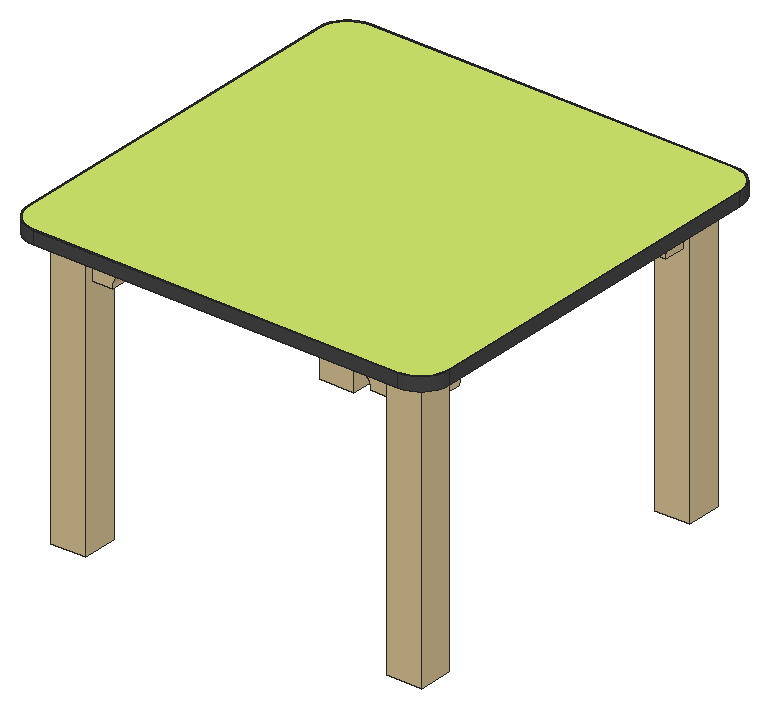
Revit family "226d35739a4945f2a17e533aaa7f5a0c", category Mobilier, Revit 2021
Family settings
  Basée sur le plan de construction = Non
  Toujours verticalement = Oui
  Couper avec des vides une fois chargée = Non
  Partagée = Non
  Point de calcul de pièce = Non
Parameters (values of type "600mm x 600mm")
  Structure = Bois - Pin
  Haut = Bois - Mélaminé vert
  Elévation par défaut = 0 mm
  Profondeur = 600 mm
  Largeur = 600 mm
  Hauteur = 400 mm
Reference planes
  plane 1 "Centre (avant/arrière)": y = -30
  plane 2: z = 0
  plane 3 "Centre (gauche/droite)": x = 29.106
  plane 4: y = -330
  plane 5: y = 270
  plane 6: x = -270.894
  plane 7: x = 329.106
  plane 8 "H": z = 400
  plane 9 "G'": x = -210.894
  plane 10 "B'": y = -270
  plane 11 "H'": y = 210
  plane 12 "D'": x = 269.106
Forms (mm)
  Extrusion 1, solid, material "Bois - Pin" <- "Structure"
    sketch origin (0, 0, 0) x (1, 0, 0) y (0, 1, 0)
      loop
        line (-235.894, -295) -> (-185.894, -295) -> (-185.894, -245) -> (-235.894, -245) -> (-235.894, -295)
      loop
        line (-235.894, 185) -> (-185.894, 185) -> (-185.894, 235) -> (-235.894, 235) -> (-235.894, 185)
      loop
        line (244.106, 185) -> (294.106, 185) -> (294.106, 235) -> (244.106, 235) -> (244.106, 185)
      loop
        line (244.106, -295) -> (294.106, -295) -> (294.106, -245) -> (244.106, -245) -> (244.106, -295)
    from 0 to 400
  Extrusion 2, solid, material "Bois - Pin" <- "Structure"
    sketch origin (269.106, 0, 0) x (0, 1, 0) y (0, 0, 1)
      loop
        line (-245, 350) -> (-215, 350)
        arc (-215, 350) -> (-207.678, 367.678) -> (-190, 375) r 25
        line (-190, 375) -> (130, 375)
        arc (130, 375) -> (147.678, 367.678) -> (155, 350) r 25
        line (155, 350) -> (185, 350) -> (185, 400) -> (-245, 400) -> (-245, 350)
    from -15 to 15
  Extrusion 3, solid, material "Bois - Pin" <- "Structure"
    sketch origin (-210.894, 342.6, 1200) x (0, 1, 0) y (0, 0, 1)
      loop
        line (-157.6, -800) -> (-587.6, -800) -> (-587.6, -850) -> (-557.6, -850)
        arc (-557.6, -850) -> (-550.278, -832.322) -> (-532.6, -825) r 25
        line (-532.6, -825) -> (-212.6, -825)
        arc (-212.6, -825) -> (-194.923, -832.322) -> (-187.6, -850) r 25
        line (-187.6, -850) -> (-157.6, -850) -> (-157.6, -800)
    from -15 to 15
  Extrusion 4, solid, material "Bois - Pin" <- "Structure"
    sketch origin (0, -270, 0) x (-1, 0, 0) y (0, 0, 1)
      loop
        line (185.894, 400) -> (-244.106, 400) -> (-244.106, 350) -> (-214.106, 350)
        arc (-214.106, 350) -> (-206.783, 367.678) -> (-189.106, 375) r 25
        line (-189.106, 375) -> (130.894, 375)
        arc (130.894, 375) -> (148.572, 367.678) -> (155.894, 350) r 25
        line (155.894, 350) -> (185.894, 350) -> (185.894, 400)
    from -15 to 15
  Extrusion 5, solid, material "Bois - Pin" <- "Structure"
    sketch origin (386.291, 210, 1200) x (1, 0, 0) y (0, 0, 1)
      loop
        line (-142.186, -800) -> (-572.186, -800) -> (-572.186, -850) -> (-542.186, -850)
        arc (-542.186, -850) -> (-534.863, -832.322) -> (-517.186, -825) r 25
        line (-517.186, -825) -> (-197.186, -825)
        arc (-197.186, -825) -> (-179.508, -832.322) -> (-172.186, -850) r 25
        line (-172.186, -850) -> (-142.186, -850) -> (-142.186, -800)
    from -15 to 15
  Extrusion 6, solid, material "Bois - Mélaminé vert" <- "Haut"
    sketch origin (-1127.576, 0, 400) x (-1, 0, 0) y (0, -1, 0)
      loop
        arc (-896.681, -270) -> (-868.397, -258.284) -> (-856.681, -230) r 40
        line (-856.681, -230) -> (-856.681, 290)
        arc (-856.681, 290) -> (-868.397, 318.284) -> (-896.681, 330) r 40
        line (-896.681, 330) -> (-1416.681, 330)
        arc (-1416.681, 330) -> (-1444.966, 318.284) -> (-1456.681, 290) r 40
        line (-1456.681, 290) -> (-1456.681, -230)
        arc (-1456.681, -230) -> (-1444.966, -258.284) -> (-1416.681, -270) r 40
        line (-1416.681, -270) -> (-896.681, -270)
    from 0 to 19
  Sweep 7, solid, material "Plastique - Noir"
    path in 3D
      loop
        arc (289.106, -330, 419) -> (317.39, -318.284, 419) -> (329.106, -290, 419) r 40
        line (329.106, -290, 419) -> (329.106, 230, 419)
        arc (329.106, 230, 419) -> (317.39, 258.284, 419) -> (289.106, 270, 419) r 40
        line (289.106, 270, 419) -> (-230.894, 270, 419)
        arc (-230.894, 270, 419) -> (-259.178, 258.284, 419) -> (-270.894, 230, 419) r 40
        line (-270.894, 230, 419) -> (-270.894, -290, 419)
        arc (-270.894, -290, 419) -> (-259.178, -318.284, 419) -> (-230.894, -330, 419) r 40
        line (-230.894, -330, 419) -> (289.106, -330, 419)
    profile origin (29.106, -330, 419) x (0, 1, 0) y (0, 0, 1)
      loop
        line (-1.5, 0) -> (-1.5, -19) -> (0, -19) -> (0, 0) -> (-1.5, 0)
Lines and regions (mm)
  sketch lines
    curve 1: line (-230.894, -330, 419) -> (289.106, -330, 419)
    curve 2: arc (329.106, -290, 419) -> (317.39, -318.284, 419) -> (289.106, -330, 419) r 40
    curve 3: line (329.106, -290, 419) -> (329.106, 230, 419)
    curve 4: arc (289.106, 270, 419) -> (317.39, 258.284, 419) -> (329.106, 230, 419) r 40
    curve 5: line (289.106, 270, 419) -> (-230.894, 270, 419)
    curve 6: arc (-270.894, 230, 419) -> (-259.178, 258.284, 419) -> (-230.894, 270, 419) r 40
    curve 7: line (-270.894, 230, 419) -> (-270.894, -290, 419)
    curve 8: arc (-230.894, -330, 419) -> (-259.178, -318.284, 419) -> (-270.894, -290, 419) r 40
Dimensions and locks
  equal spacing: plane 4, plane 1 "Centre (avant/arrière)", plane 5
  equal spacing: plane 6, plane 3 "Centre (gauche/droite)", plane 7
  "Profondeur": plane 4 to plane 5
  "Largeur": plane 6 to plane 7
  locked: plane 4 to plane 10 "B'" at 60
  locked: plane 11 "H'" to plane 5 at 60
  locked: plane 6 to plane 9 "G'" at 60
  locked: plane 12 "D'" to plane 7 at 60
  Extrusion 1 sketch curve to plane 11 "H'" to Extrusion 1 sketch curve = 25 mm locked, 25 mm locked
  Extrusion 1 sketch curve to plane 10 "B'" to Extrusion 1 sketch curve = 25 mm locked, 25 mm locked
  Extrusion 1 sketch curve to plane 9 "G'" to Extrusion 1 sketch curve = 25 mm locked, 25 mm locked
  Extrusion 1 sketch curve to plane 12 "D'" to Extrusion 1 sketch curve = 25 mm locked, 25 mm locked
  locked: plane 8 "H" to Extrusion 2 sketch curve at 50
  locked: Extrusion 1 to Extrusion 2 sketch curve at 30
  locked: Extrusion 2 sketch curve to Extrusion 1 at 30
  locked: plane 8 "H" to Extrusion 2 sketch curve at 25
  locked: plane 8 "H" to Extrusion 3 sketch curve at 50
  locked: Extrusion 1 to Extrusion 3 sketch curve at 30
  locked: Extrusion 3 sketch curve to Extrusion 1 at 30
  locked: plane 8 "H" to Extrusion 3 sketch curve at 25
  locked: plane 8 "H" to Extrusion 4 sketch curve at 50
  locked: plane 8 "H" to Extrusion 4 sketch curve at 25
  locked: Extrusion 4 sketch curve to Extrusion 1 at 30  (x2)
  locked: Extrusion 5 sketch curve to plane 8 "H" at 50
  locked: Extrusion 5 sketch curve to plane 8 "H" at 25
  locked: Extrusion 5 sketch curve to Extrusion 1 at 30  (x2)
  "Hauteur": plane 8 "H" to level
  aligned and locked: Extrusion 1 sketch curve to Extrusion 1 sketch curve  (x8)
  aligned and locked: plane 8 "H" to Extrusion 1
  aligned and locked: Extrusion 2 sketch curve to Extrusion 1  (x2)
  aligned and locked: plane 8 "H" to Extrusion 2 sketch curve
  aligned and locked: Extrusion 1 to Extrusion 3 sketch curve
  aligned and locked: Extrusion 3 sketch curve to Extrusion 1
  aligned and locked: Extrusion 3 sketch curve to plane 8 "H"
  aligned and locked: Extrusion 1 to Extrusion 4 sketch curve
  aligned and locked: Extrusion 4 sketch curve to Extrusion 1
  aligned and locked: Extrusion 4 sketch curve to plane 8 "H"
  aligned and locked: Extrusion 4 sketch curve to Extrusion 4 sketch curve
  aligned and locked: Extrusion 3 sketch curve to Extrusion 3 sketch curve
  aligned and locked: Extrusion 2 sketch curve to Extrusion 2 sketch curve
  aligned and locked: Extrusion 1 to Extrusion 5 sketch curve
  aligned and locked: Extrusion 5 sketch curve to Extrusion 1
  aligned and locked: Extrusion 5 sketch curve to plane 8 "H"
  aligned and locked: Extrusion 5 sketch curve to Extrusion 5 sketch curve
  aligned and locked: plane 5 to Extrusion 6 sketch curve
  aligned and locked: Extrusion 6 sketch curve to plane 7
  aligned and locked: Sweep 7 sketch curve to Extrusion 6
  aligned and locked: Extrusion 6 to Sweep 7 sketch curve
  aligned and locked: profile plane to Sweep 7 sketch curve
Automatic sketch dimensions
  Extrusion 6 sketch curve to plane 4 = 0 mm
  Extrusion 6 sketch curve to plane 6 = 0 mm
  plane 12 "D'" to Extrusion 6 sketch curve = 20 mm  (x2)
  Extrusion 6 sketch curve to plane 9 "G'" = 20 mm  (x2)
  profile plane to Sweep 7 sketch curve = 1.5 mm
